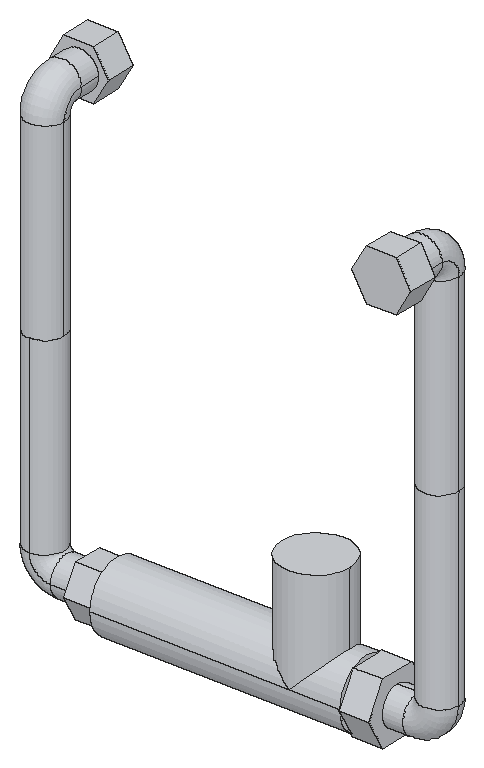
Revit family "1PRD_FrankeWS_UrnlFlshngVlvs_ElectronicUrinalFlushingSystems_AQUA420,AQUA422", category Pipe Accessories, Revit 2015
Parameters (values of type "AQUA420")
  WarrantyStartDate [instance] = "1900-12-31T23:59:59"
  WarrantyGuarantorParts = "n/a"
  WarrantyGuarantorLabor = "n/a"
  WarrantyDurationUnit = "year"
  WarrantyDurationParts = "n/a"
  WarrantyDurationLabor = "n/a"
  WarrantyDescription = "n/a"
  Version = "1"
  Uniclass2015Version = "Products v1.7"
  Uniclass2015Title = "Flush control devices"
  Uniclass2015Code = "Pr_75_50_46_31"
  URL = "www.franke.com"
  ThirdPartyCertification = "n/a"
  TagNumber [instance] = "n/a"
  SustainabilityPerformance = "n/a"
  Standard = "n/a"
  Size = "n/a"
  Shape = "n/a"
  SerialNumber [instance] = "n/a"
  Revision = "n/a"
  ReplacementCost = "n/a"
  ProductInformation = "http://igh.franke.mycontent.ch/ch/pdf/Franke_ZDS_2000071169_EN.pdf"
  OperatingControl = "electronic self-closing"
  NominalWidth = 0 mm
  NominalLength = 0 mm
  NominalHeight = 0 mm
  NetWeight = 1.425 kg
  Name = "Electronic urinal flushing systems AQUA420"
  NBSTypeID = "n/a"
  NBSReference = "90-15-35/470"
  NBSOfficeMasterTag = "n/a"
  NBSNote = "n/a"
  NBSDescription = "Flush control devices"
  NBSCertification = "n/a"
  ModelReference = "AQUA420"
  ModelNumber = "2000071169"
  Model = ModelReference  # "AQUA420"
  MaterialsFinishAndColour = "n/a"
  MaterialsBody = "n/a"
  Material = "n/a"
  ManufacturerURL = "www.franke.com"
  ManufacturerName = "FRANKE Water Systems AG"  # constant formula
  Manufacturer = ManufacturerName  # "FRANKE Water Systems AG"
  IsHighPressure = no
  IntegralAccessories = "n/a"
  InstallationDate [instance] = "1900-12-31T23:59:59"
  IfcExportType = "FLUSHING"
  IfcExportAs = "IfcValveType"
  HasIntegralShutOffDevice = yes
  GrossWeight = 1.50 kg
  Grade = "n/a"
  FlushingRate = 0.0 L/s
  FlushVolume = "0.30 liter per second"
  FlushValveMaterial = none
  Finish = "n/a"
  Features = "n/a"
  ExpectedLife = "n/a"
  DurationUnit = "year"
  Description = "Electronic siphon control unit for invisible installation. For touch free flushing of Franke stainless steel urinals. With flexible pressure hose, solenoid valve, electronic module and siphon with outside mounted sensor without water contact, hygiene flushing 24 h after the last activity, 230 V AC."
  Constituents = "n/a"
  Color = "n/a"
  CodePerformance = "n/a"
  Category = "Pr_40_20_93_79, Urinal flushing valves"
  BarCode [instance] = "n/a"
  BIMObjectName = "PRD_FrankeWS_UrinalFlushingValves_ElectronicUrinalFlushingSystems_AQUA420"
  Author = "Archispace"  # constant formula
  AssetType = "Fixed"
  AssetIdentifier [instance] = "n/a"
  AccessibilityPerformance = "n/a"
Types (2, lengths in mm): name | ProductInformation | Name | ModelReference | ModelNumber | Model | Description | BIMObjectName
  AQUA420 | "http://igh.franke.mycontent.ch/ch/pdf/Franke_ZDS_2000071169_EN.pdf" | "Electronic urinal flushing systems AQUA420" | "AQUA420" | "2000071169" | "AQUA420" | "Electronic siphon control unit for invisible installation. For touch free flushing of Franke stainless steel urinals. With flexible pressure hose, solenoid valve, electronic module and siphon with outside mounted sensor without water contact, hygiene flushing 24 h after the last activity, 230 V AC." | "PRD_FrankeWS_UrinalFlushingValves_ElectronicUrinalFlushingSystems_AQUA420"
  AQUA422 | "http://igh.franke.mycontent.ch/ch/pdf/Franke_ZDS_2000102700_EN.pdf" | "Electronic urinal flushing systems AQUA422" | "AQUA422" | "2000102700" | "AQUA422" | "Electronic siphon control unit for invisible installation. For touch free flushing of Franke stainless steel urinals. With flexible pressure hose, solenoid valve, electronic module and siphon with outside mounted sensor without water contact, hygiene flushing 24 h after the last activity, 230 V AC. for Franke slab urinals" | "PRD_FrankeWS_UrinalFlushingValves_ElectronicUrinalFlushingSystems_AQUA422"
Reference planes
  plane 1 "Center (Front/Back)": y = 0
  plane 2: z = 0
  plane 3 "Center (Left/Right)": x = 0
  plane 4: y = 25
  plane 5: x = -185
Forms (mm)
  Sweep 1, solid, material <- "FlushValveMaterial", detail levels fine
    path origin (0, 0, 0) x (0, 1, 0) y (0, 0, 1)
      loop
        line (0, 0) -> (15, 0)
        arc (15, 0) -> (22.071, -2.929) -> (25, -10) r 10
        line (25, -10) -> (25, -100)
    profile origin (0, 7.5, 0) x (0, 0, 1) y (1, 0, 0)
      loop
        circle (0, 0) r 9
  Sweep 2, solid, material <- "FlushValveMaterial", detail levels fine
    path origin (9, 25, 1200) x (1, 0, 0) y (0, 0, 1)
      loop
        line (-9, -1300) -> (-9, -1390)
        arc (-9, -1390) -> (-11.929, -1397.071) -> (-19, -1400) r 10
        line (-19, -1400) -> (-29, -1400)
    profile origin (0, 25, -145) x (0, -1, 0) y (1, 0, 0)
      loop
        circle (0, 0) r 9
  Extrusion 3, solid, material <- "FlushValveMaterial", detail levels fine
    sketch origin (9, 25, 1200) x (1, 0, 0) y (0, 0, 1)
      loop
        line (-15.928, -1188) -> (-22.856, -1200) -> (-15.928, -1212) -> (-2.072, -1212) -> (4.856, -1200) -> (-2.072, -1188) -> (-15.928, -1188)
    from 20 to 34
  Extrusion 4, solid, material <- "FlushValveMaterial", detail levels fine
    sketch origin (0, 0, 0) x (0, 1, 0) y (0, 0, 1)
      loop
        line (16.628, -185.5) -> (8.257, -200) -> (16.628, -214.5) -> (33.372, -214.5) -> (41.743, -200) -> (33.372, -185.5) -> (16.628, -185.5)
    from -20 to -34
  Sweep 5, solid, material <- "FlushValveMaterial", detail levels fine
    path origin (-185, 0, 0) x (0, 1, 0) y (0, 0, -1)
      loop
        line (50, 0) -> (35, 0)
        arc (35, 0) -> (27.929, 2.929) -> (25, 10) r 10
        line (25, 10) -> (25, 100)
    profile origin (-185, 25, -55) x (-1, 0, 0) y (0, -1, 0)
      loop
        circle (0, 0) r 9
  Sweep 6, solid, material <- "FlushValveMaterial", detail levels fine
    path origin (-194, 25, 1200) x (-1, 0, 0) y (0, 0, -1)
      loop
        line (-9, 1300) -> (-9, 1390)
        arc (-9, 1390) -> (-11.929, 1397.071) -> (-19, 1400) r 10
        line (-19, 1400) -> (-29, 1400)
    profile origin (-185, 25, -145) x (0, -1, 0) y (1, 0, 0)
      loop
        circle (0, 0) r 9
  Extrusion 7, solid, material <- "FlushValveMaterial", detail levels fine
    sketch origin (-185, 0, 0) x (0, 1, 0) y (0, 0, -1)
      loop
        line (31.928, 188) -> (38.856, 200) -> (31.928, 212) -> (18.072, 212) -> (11.144, 200) -> (18.072, 188) -> (31.928, 188)
    from -20 to -34
  Extrusion 8, solid, material <- "FlushValveMaterial", detail levels fine
    sketch origin (-194, 25, 1200) x (-1, 0, 0) y (0, 0, 1)
      loop
        line (-15.928, -1188) -> (-22.856, -1200) -> (-15.928, -1212) -> (-2.072, -1212) -> (4.856, -1200) -> (-2.072, -1188) -> (-15.928, -1188)
    from 20 to 34
  Extrusion 9, solid, material <- "FlushValveMaterial", detail levels fine
    sketch origin (0, 0, 0) x (0, 1, 0) y (0, 0, 1)
      loop
        circle (25, -200) r 16
    from -34 to -151
  Extrusion 10, solid, material <- "FlushValveMaterial", detail levels fine
    sketch origin (0, 0, 0) x (1, 0, 0) y (0, 1, 0)
      loop
        circle (-58, 25) r 16
    from -200 to -150
Cuts and joins
  joined: Sweep 1, Sweep 2, Extrusion 3, Extrusion 4
  joined: Sweep 5, Sweep 6, Extrusion 7, Extrusion 8, Extrusion 9, Extrusion 10
Lines and regions (mm)
  model lines, detail levels coarse+medium
    curve 1: line (0, 0, 0) -> (0, 25, 0)
    curve 2: line (0, 25, 0) -> (0, 25, -200)
    curve 3: line (-185, 25, -200) -> (0, 25, -200)
    curve 4: line (-185, 50, 0) -> (-185, 25, 0)
    curve 5: line (-185, 25, 0) -> (-185, 25, -200)
Dimensions and locks
  plane 3 "Center (Left/Right)" to plane 5 = 185 mm
  aligned and locked: level to plane 2
Connectors
  piping at (0, 0, 0), diameter 12.7
    settings: on cut or joined group of Sweep 1, Sweep 2, Extrusion 3, Extrusion 4, index 1, connector inside diameter 24", connector length 0 mm, flow factor 0, pipe flow 0.0 L/s, pressure drop 0.0 Pa, fitting loss kfactor 0, connector angle 0.00°, fixture units 0, engagement length 0 mm, angle of deflection 0.00°, flow configuration 0, flow direction 0, fitting loss method 0, system type 28, joint type 0, gender type 0, connector reference index 2, connector utility 0, adjustable connector no, is connector primary yes, connector description ""
  piping at (-185, 50, 0), diameter 12.7
    settings: on cut or joined group of Sweep 5, Sweep 6, Extrusion 7, Extrusion 8, Extrusion 9, Extrusion 10, index 2, connector inside diameter 24", connector length 0 mm, flow factor 0, pipe flow 0.0 L/s, pressure drop 0.0 Pa, fitting loss kfactor 0, connector angle 0.00°, fixture units 0, engagement length 0 mm, angle of deflection 0.00°, flow configuration 0, flow direction 0, fitting loss method 0, system type 28, joint type 0, gender type 0, connector reference index 1, connector utility 0, adjustable connector no, is connector primary no, connector description ""
